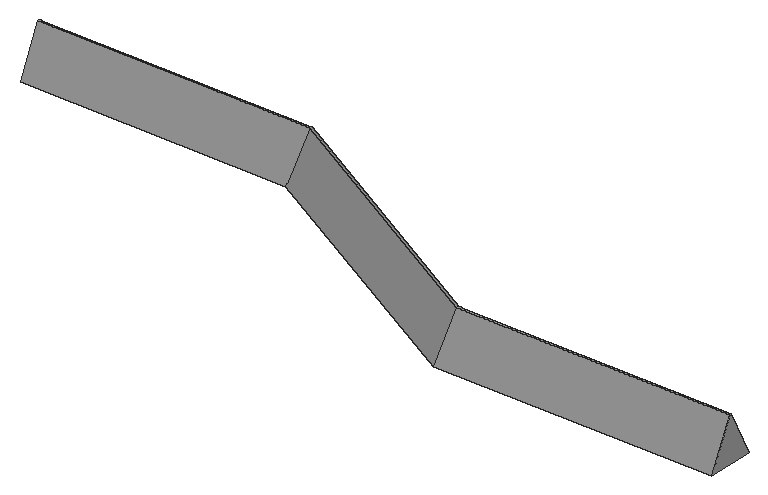
Revit family "Zig-Zag_StQ3+_45mm_p_i_t_1132110", category Generic Models, Revit 2019
Family settings
  Can host rebar = No
  Round Connector Dimension = Use Diameter
  Part Type = Normal
  Work Plane-Based = Yes
  Always vertical = No
  Cut with Voids When Loaded = No
  Shared = No
  Room Calculation Point = No
Parameters (values of type "45 mm")
  concrete = Concrete
  Website Link = "https://haucon.dk/produkt/beton-zig-zag-stq3/#variations"
  Total Length = 800 mm
  Technical Data Sheet = "https://haucon.dk/wp-content/uploads/2019/07/1132100-Beton-zig-zag-STQ3_1.0-TDS-DK.pdf"
  Default Elevation = 1219.2 mm
  Armerment width = 45 mm
  Armerment Height = Armerment width  # 45 mm
Types (6, lengths in mm): name | Armerment width | Armerment Height
  35 mm | 35 | 35
  55 mm | 55 | 55
  40 mm | 40 | 40
  45 mm | 45 | 45
  50 mm | 50 | 50
  60 mm | 60 | 60
Reference planes
  plane 1 "Center (Front/Back)": y = 0
  plane 2: z = 0
  plane 3 "Center (Left/Right)": x = 0
  plane 4: y = 22.5
  plane 5: y = -22.5
  plane 6: z = 45
  plane 7: x = 266.667
  plane 8: x = 533.333
  plane 9: x = 800
Forms (mm)
  Sweep 1, solid, material "Concrete" <- "concrete"
    path origin (135, 0, 0) x (1, 0, 0) y (0, 1, 0)
      loop
        line (-135, 0) -> (132.554, 0) -> (397.446, -149.776) -> (665, -149.776)
    profile origin (133.777, 0, 0) x (0, 1, 0) y (0, 0, 1)
      loop
        line (22.5, 0) -> (0.856, 44.544)
        arc (0.856, 44.544) -> (0, 44.98) -> (-0.856, 44.544) r 1.059
        line (-0.856, 44.544) -> (-22.5, 0) -> (22.5, 0)
Dimensions and locks
  equal spacing: plane 4, plane 1 "Center (Front/Back)", plane 5
  "Armerment width": plane 4 to plane 5
  "Armerment Height": level to plane 6
  "Total Length": plane 3 "Center (Left/Right)" to plane 9
  equal spacing: plane 3 "Center (Left/Right)", plane 7, plane 8, plane 9
  aligned and locked: level to plane 2
  aligned and locked: level to Sweep 1 sketch curve
  aligned and locked: plane 3 "Center (Left/Right)" to Sweep 1
  aligned and locked: plane 9 to Sweep 1 sketch curve
Automatic sketch dimensions
  plane 1 "Center (Front/Back)" to Sweep 1 sketch curve = 0 mm
  Sweep 1 sketch curve to plane 3 "Center (Left/Right)" = 0 mm
  Sweep 1 sketch curve to plane 7 = 0.887 mm
  plane 8 to Sweep 1 sketch curve = 0.887 mm
  plane 1 "Center (Front/Back)" to Sweep 1 sketch curve = 149.776 mm
  Sweep 1 sketch curve to plane 5 = 0 mm
  Sweep 1 sketch curve to profile plane = 0 mm
  Sweep 1 sketch curve to plane 4 = 0 mm
  plane 6 to Sweep 1 sketch curve = 0.456 mm  (x2)
  profile plane to Sweep 1 sketch curve = 0.856 mm
  Sweep 1 sketch curve to Sweep 1 sketch curve = 0.623 mm
